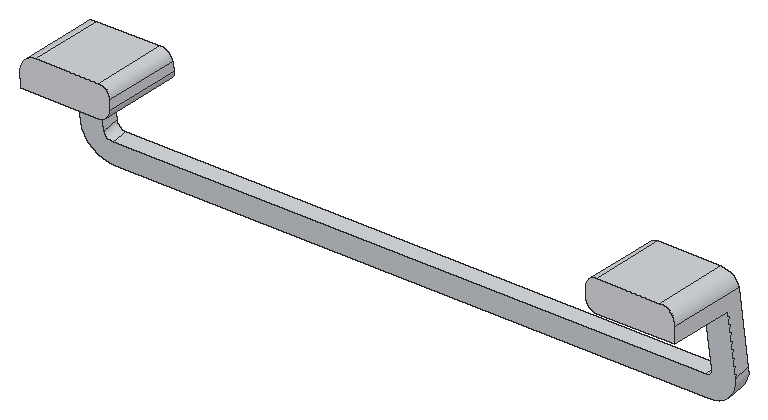
Revit family "LQ6160001_Toallero Barra", category Furniture, host Wall, Revit 2019
Family settings
  Host = Wall
  OmniClass Number = 23.31.25.25
  OmniClass Title = Towel Bars
  Always vertical = Yes
  Cut with Voids When Loaded = No
  Shared = No
  Room Calculation Point = No
Parameters (values of type "Type 1")
  Uso = "Residencial"  # constant formula
  URL = "https://corona.co/productos/accesorios/accesorios-individuales/toallero-barra-liquid/p/LQ6160001"
  Tecnologías = "DuraCrome"  # constant formula
  Resistencia = "Resistente a la corrosión\r\npelado y decoloración por agua\r\nResistencia al peso general hasta 9 kg\r\nResistencia al peso del toallero barra hasta 23 kg"  # constant formula
  Referencia = "LQ6070001"  # constant formula
  Profundidad = 61 mm  # constant formula
  Número de piezas = "6"  # constant formula
  Material = Corona_Niquel
  Manufacturer = "Corona"  # constant formula
  Línea = "Liquid"  # constant formula
  Garantía Acabados = "5 años en acabados"  # constant formula
  Garantía = "30 años en estructura"  # constant formula
  Fecha de creación = "9/10/2020"  # constant formula
  Description = "El Toallero barra Liquid, galardonado con el premio de diseño internacional Red Dot Design Award, es la mejor forma de modernizar tu baño y darle un toque único, mientras te proporciona seguridad y funcionalidad con una resistencia de hasta 20 kilos de carga. ¡Adquiérelo ahora!"  # constant formula
  Creado por = "IDD"  # constant formula
  Componentes = "Percha - Toallero - Jabonera - Barra - Cepillera - Portarrollo"  # constant formula
  Colección = "Liquid"  # constant formula
  Ancho = 420 mm  # constant formula
  Altura = 900 mm
  Alto = 79.9 mm  # constant formula
Reference planes
  plane 1 "Wall": y = 0
  plane 2 "Center (Left/Right)": x = 125
  plane 3 "Back": y = 75
  plane 4: z = 900
  plane 5: x = 335
  plane 6: x = -85
  plane 7: z = 939.95
  plane 8: z = 860.05
  plane 9: y = 136
Text (mm)
  text "Placement Side" at (-1848.837, 1116.779, 0), in view "Ref. Level"
  text "Placement side" at (0, 1409.804, 2854.306), in view "Left"
  text "Placement side" at (0, 499.811, 2980.732), in view "Right"
Dimensions and locks
  locked: plane 3 "Back" to host wall
  equal spacing: plane 8, plane 4, plane 7
  "Alto": plane 8 to plane 7
  equal spacing: plane 6, plane 2 "Center (Left/Right)", plane 5
  "Ancho": plane 6 to plane 5
  "Profundidad": plane 9 to host wall
  plane 4 to plane 8 = 39.95 mm
  "Altura": plane 4 to level
  aligned and locked: plane 1 "Wall" to host wall
  aligned and locked: nested 1 to plane 7
  aligned and locked: nested 3 to plane 7
  aligned and locked: nested 3 to plane 5
  aligned and locked: nested 4 to plane 9
  aligned and locked: nested 4 to plane 5
  aligned and locked: nested 2 to plane 7
  aligned and locked: nested 2 to plane 6
Nested families
  nested 1: "Lateral" at (125, 75, 860.15) x (0, -1, 0) z (1, 0, 0), type "Lateral"
  nested 2: "Portarrollo" at (335, 105, 860.05) x (-1, 0, 0) z (0, 0, 1), type "Portarrollo"
  nested 3: "Frontal" at (335, 0, 860.15) x (-1, 0, 0) z (0, -1, 0), type "Frontal"
  nested 4: "Planta" at (-85, 75, 0), type "Planta"
Definition of nested family "Portarrollo"
  Parameters (values of type "Portarrollo")
    Profundidad = 61 mm
    Material = none
    Ancho = 420 mm
    Alto = 79.9 mm
  Reference planes
    plane 1 "Center (Front/Back)": y = 0
    plane 2: z = 0
    plane 3 "Center (Left/Right)": x = 0
    plane 4: x = 420
    plane 5: y = 30.5
    plane 6: y = -30.5
    plane 7: z = 79.9
    plane 8: x = 70.15
  Forms (mm)
    Extrusion 1, solid, material <- "Material", detail levels coarse
      sketch origin (0, 0, 0) x (1, 0, 0) y (0, 1, 0)
        loop
          line (0, 30.5) -> (0, -30.5) -> (420, -30.5) -> (420, 30.5) -> (0, 30.5)
      from 0 to 79.9
    Sweep 2, solid, material <- "Material", detail levels medium+fine
      path origin (250, -30.492, 4.34) x (0, 0.156397, 0.987694) y (-1, 0, 0)
        loop
          line (61.561, 250) -> (16.561, 250)
          arc (16.561, 250) -> (2.419, 244.142) -> (-3.439, 230) r 20
          line (-3.439, 230) -> (-3.439, -150)
          arc (-3.439, -150) -> (2.419, -164.142) -> (16.561, -170) r 20
          line (16.561, -170) -> (61.561, -170)
      profile origin (420, -24.383, 42.92) x (-1, 0, 0) y (0, -0.987694, 0.156397)
        loop
          line (15, 0) -> (0, 0) -> (0, -10.196) -> (15, -10.196) -> (15, 0)
    Extrusion 3, solid, material <- "Material", detail levels medium+fine
      sketch origin (0, 0, 0) x (1, 0, 0) y (0, 0, 1)
        loop
          arc (10, 79.9) -> (2.929, 76.971) -> (0, 69.9) r 10
          line (0, 69.9) -> (0, 59.9) -> (50.5, 59.9)
          arc (50.5, 59.9) -> (55.45, 61.95) -> (57.5, 66.9) r 7
          line (57.5, 66.9) -> (57.5, 72.9)
          arc (57.5, 72.9) -> (55.45, 77.85) -> (50.5, 79.9) r 7
          line (50.5, 79.9) -> (10, 79.9)
        loop
          line (420, 59.9) -> (420, 69.9)
          arc (420, 69.9) -> (417.071, 76.971) -> (410, 79.9) r 10
          line (410, 79.9) -> (369.5, 79.9)
          arc (369.5, 79.9) -> (364.55, 77.85) -> (362.5, 72.9) r 7
          line (362.5, 72.9) -> (362.5, 66.9)
          arc (362.5, 66.9) -> (364.55, 61.95) -> (369.5, 59.9) r 7
          line (369.5, 59.9) -> (420, 59.9)
      from -30.5 to 30.5
    Extrusion 4, void
      sketch origin (0, 0, 0) x (0, 1, 0) y (0, 0, 1)
        loop
          line (-16.619, 92.115) -> (-37.104, 92.115) -> (-37.104, 49.907) -> (-23.269, 49.907) -> (-16.619, 92.115)
      from 0 to 437.631
  Cuts and joins
    Extrusion 4 cuts Extrusion 3
    joined: Sweep 2, Extrusion 3
  Dimensions and locks
    equal spacing: plane 5, plane 1 "Center (Front/Back)", plane 6
    "Profundidad": plane 5 to plane 6
    "Ancho": plane 3 "Center (Left/Right)" to plane 4
    "Alto": plane 7 to level
    aligned and locked: level to plane 2
    aligned and locked: Extrusion 1 sketch curve to plane 5
    aligned and locked: plane 4 to Extrusion 1 sketch curve
    aligned and locked: Extrusion 1 sketch curve to plane 6
    aligned and locked: Extrusion 1 to plane 7
  Automatic sketch dimensions
    Extrusion 1 sketch curve to plane 3 "Center (Left/Right)" = 0 mm
    profile plane to Sweep 2 sketch curve = 0 mm
    Sweep 2 sketch curve to profile plane = 15 mm
    Sweep 2 sketch curve to profile plane = 10.196 mm
    Sweep 2 sketch curve to profile plane = 0 mm
    Extrusion 4 sketch curve to plane 6 = 6.604 mm
    plane 7 to Extrusion 4 sketch curve = 12.215 mm
    plane 6 to Extrusion 4 sketch curve = 13.881 mm
    plane 6 to Extrusion 4 sketch curve = 7.231 mm
    level to Extrusion 4 sketch curve = 49.907 mm
    Sweep 2 sketch curve to plane 3 "Center (Left/Right)" = 0 mm
    Sweep 2 sketch curve to plane 4 = 0 mm
    plane 3 "Center (Left/Right)" to Sweep 2 sketch curve = 20 mm
    plane 4 to Sweep 2 sketch curve = 20 mm
    Sweep 2 sketch curve to Sweep 2 sketch curve = 45 mm  (x2)
    Extrusion 3 sketch curve to plane 3 "Center (Left/Right)" = 0 mm
    Extrusion 3 sketch curve to plane 7 = 0 mm  (x2)
    plane 4 to Extrusion 3 sketch curve = 0 mm
    plane 3 "Center (Left/Right)" to Extrusion 3 sketch curve = 10 mm
    Extrusion 3 sketch curve to plane 7 = 7 mm  (x2)
    plane 8 to Extrusion 3 sketch curve = 19.65 mm
    Extrusion 3 sketch curve to Extrusion 3 sketch curve = 0 mm  (x2)
    plane 4 to Extrusion 3 sketch curve = 50.5 mm
    Extrusion 3 sketch curve to Extrusion 3 sketch curve = 10 mm
    Extrusion 3 sketch curve to Extrusion 3 sketch curve = 6 mm  (x2)
Definition of nested family "Lateral"
  Reference planes
    plane 1 "Center (Front/Back)": y = 0
    plane 2: z = 0
    plane 3 "Center (Left/Right)": x = 0
    plane 4: y = 79.8
    plane 5: x = -61.3
  Lines and regions (mm)
    detail lines, in view "Ref. Level"
      curve 1: line (-61.239, 5.374, 0) -> (-49.573, 71.536, 0)
      curve 2: line (-39.725, 79.8, 0) -> (0, 79.8, 0)
      curve 3: line (0, 79.8, 0) -> (0, 59.8, 0)
      curve 4: line (0, 59.8, 0) -> (-40.601, 59.8, 0)
      curve 5: line (-40.601, 59.8, 0) -> (-50.531, 3.486, 0)
      curve 6: line (-55.165, 0.241, 0) -> (-57.995, 0.74, 0)
      curve 7: arc (-57.995, 0.74, 0) -> (-60.577, 2.385, 0) -> (-61.239, 5.374, 0) r 4
      curve 8: arc (-50.531, 3.486, 0) -> (-52.176, 0.904, 0) -> (-55.165, 0.241, 0) r 4
      curve 9: arc (-49.573, 71.536, 0) -> (-46.153, 77.46, 0) -> (-39.725, 79.8, 0) r 10
Definition of nested family "Frontal"
  Reference planes
    plane 1 "Center (Front/Back)": y = 0
    plane 2: z = 0
    plane 3 "Center (Left/Right)": x = 0
    plane 4: x = 420
    plane 5: y = 79.8
  Lines and regions (mm)
    detail lines, in view "Ref. Level"
      curve 1: line (20, 0, 0) -> (400, 0, 0)
      curve 2: line (0, 69.8, 0) -> (0, 20, 0)
      curve 3: line (410, 79.8, 0) -> (367, 79.8, 0)
      curve 4: arc (20, 0, 0) -> (5.858, 5.858, 0) -> (0, 20, 0) r 20
      curve 5: arc (0, 69.8, 0) -> (2.929, 76.871, 0) -> (10, 79.8, 0) r 10
      curve 6: line (398, 59.8, 0) -> (367, 59.8, 0)
      curve 7: line (22, 15, 0) -> (398, 15, 0)
      curve 8: arc (22, 15, 0) -> (17.05, 17.05, 0) -> (15, 22, 0) r 7
      curve 9: line (15, 52.8, 0) -> (15, 22, 0)
      curve 10: arc (15, 52.8, 0) -> (17.05, 57.75, 0) -> (22, 59.8, 0) r 7
      curve 11: line (420, 69.8, 0) -> (420, 20, 0)
      curve 12: arc (400, 0, 0) -> (414.142, 5.858, 0) -> (420, 20, 0) r 20
      curve 13: arc (420, 69.8, 0) -> (417.071, 76.871, 0) -> (410, 79.8, 0) r 10
      curve 14: arc (398, 15, 0) -> (402.95, 17.05, 0) -> (405, 22, 0) r 7
      curve 15: line (405, 52.8, 0) -> (405, 22, 0)
      curve 16: arc (405, 52.8, 0) -> (402.95, 57.75, 0) -> (398, 59.8, 0) r 7
      curve 17: line (53, 79.8, 0) -> (10, 79.8, 0)
      curve 18: line (53, 59.8, 0) -> (22, 59.8, 0)
      curve 19: line (60, 66.8, 0) -> (60, 72.8, 0)
      curve 20: arc (60, 66.8, 0) -> (57.95, 61.85, 0) -> (53, 59.8, 0) r 7
      curve 21: arc (53, 79.8, 0) -> (57.95, 77.75, 0) -> (60, 72.8, 0) r 7
      curve 22: line (360, 66.8, 0) -> (360, 72.8, 0)
      curve 23: arc (360, 66.8, 0) -> (362.05, 61.85, 0) -> (367, 59.8, 0) r 7
      curve 24: arc (367, 79.8, 0) -> (362.05, 77.75, 0) -> (360, 72.8, 0) r 7
  Dimensions and locks
    aligned and locked: plane 1 "Center (Front/Back)" to curve 1
    aligned and locked: curve 2 to plane 3 "Center (Left/Right)"
    aligned and locked: plane 5 to curve 3
Definition of nested family "Planta"
  Reference planes
    plane 1 "Center (Front/Back)": y = 0
    plane 2: z = 0
    plane 3 "Center (Left/Right)": x = 0
    plane 4: x = 420
    plane 5: y = 61
  Lines and regions (mm)
    detail lines, in view "Ref. Level"
      curve 1: line (420, 0, 0) -> (360, 0, 0)
      curve 2: line (420, 61, 0) -> (420, 0, 0)
      curve 3: line (0, 61, 0) -> (420, 61, 0)
      curve 4: line (0, 0, 0) -> (0, 61, 0)
      curve 5: line (60, 46, 0) -> (360, 46, 0)
      curve 6: line (60, 0, 0) -> (60, 46, 0)
      curve 7: line (360, 0, 0) -> (360, 46, 0)
      curve 8: line (60, 0, 0) -> (0, 0, 0)
